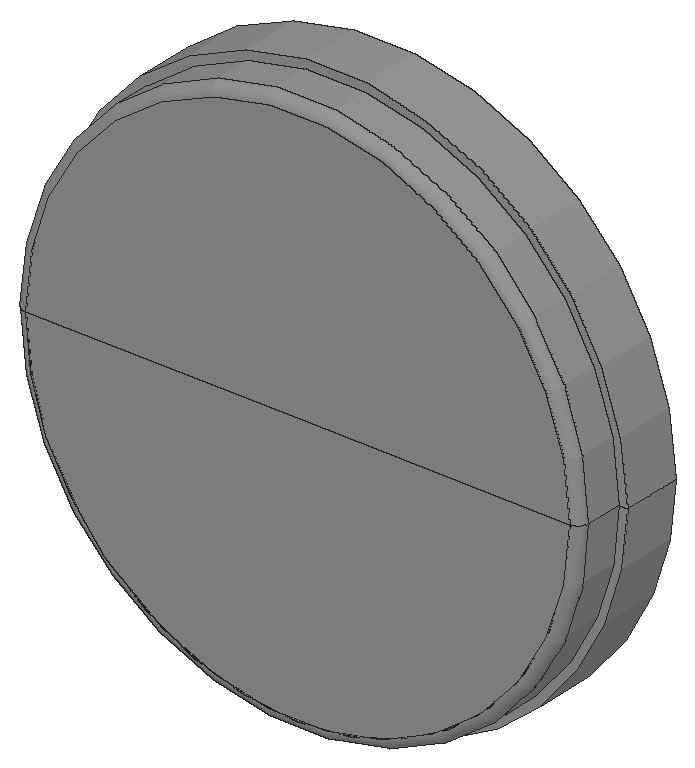
Revit family "IVLB_PML_LF_Dura 340mm WM_Plastic", category Lighting Fixtures, Revit 2019
Family settings
  Round Connector Dimension = Use Diameter
  Part Type = Normal
  OmniClass Number = 23.80.70.11.11
  OmniClass Title = General Luminaries, Non Directional
  Work Plane-Based = No
  Always vertical = Yes
  Cut with Voids When Loaded = No
  Light Source = Yes
  Shared = No
  Room Calculation Point = Yes
Parameters (values of type "Dura-M Ø340 IP64 IK10 8-18W 950-2300lm 3000K-3500K-4000K 3-CCT")
  Wattage Comments = "18W"
  Wattage = 15.4838 W
  built-in parameter 1150110 = 1 (stored number, unit not read)
  Voltage = 230 V
  URL = "https://www.pragmalux.com/"
  Type Comments = ""
  built-in parameter 1114217 = 1 (stored number, unit not read)
  Tilt Angle = 90.00°
  built-in parameter 1150109 = 1 (stored number, unit not read)
  built-in parameter 1150134 = 12
  Symbol_Waterproof [instance] = no
  Symbol_Emergency Lighting [instance] = no
  Switch Code [instance] = ""
  built-in parameter 1150113 = 1 (stored number, unit not read)
  Photometric Web File = "Dura-M Ø340 IP64 IK10 8-18W 950-2300lm 3000K-3500K-4000K 3-CCT.ies"
  built-in parameter 1150142 = "IESNA91\r\n[MANUFAC]  Pragmalux\r\n[LUMINAIRE] LED Plafonnière Wandarmatuur Dura-M Ø340 IP64 IK10 8-18W 950-2300lm 3000K-3500K-4000K 3-CCT\r\n[LAMP] 1x(LED 18W 2200lm 3000K) or 1x(LED 18W 2300lm 3500K) or 1x(LED 18W 2300lm 4000K) or 1x(LED 15W 1800lm 3000K) or 1x(LED 15W 1900lm 3500K) or 1x(LED 15W 1900lm 4000K) or 1x(LED 11W 1350lm 3000K) or 1x(LED 11W 1450lm 3500K) or 1x(LED 11W 1450lm 4000K) or 1x(LED 8W 950lm 3000K) or 1x(LED 8W 1000lm 3500K) or 1x(LED 8W 1000lm 4000K)\r\n[_CHANGED] file converted from LDT by IES Viewer 3.6 (C) Andrey Legotin\r\nTILT=NONE\r\n1 2200 2.2 181 5 1 2 0 -0.34 0\r\n1 1 18\r\n0 1 2 3 4 5 6 7 8 9 10 11 12 13 14 15 16 17 18 19 20 21 22 23 24 25 26 27 28 \r\n29 30 31 32 33 34 35 36 37 38 39 40 41 42 43 44 45 46 47 48 49 50 51 52 53 54 \r\n55 56 57 58 59 60 61 62 63 64 65 66 67 68 69 70 71 72 73 74 75 76 77 78 79 80 \r\n81 82 83 84 85 86 87 88 89 90 91 92 93 94 95 96 97 98 99 100 101 102 103 104 \r\n105 106 107 108 109 110 111 112 113 114 115 116 117 118 119 120 121 122 123 \r\n124 125 126 127 128 129 130 131 132 133 134 135 136 137 138 139 140 141 142 \r\n143 144 145 146 147 148 149 150 151 152 153 154 155 156 157 158 159 160 161 \r\n162 163 164 165 166 167 168 169 170 171 172 173 174 175 176 177 178 179 180 \r\n0 22.5 45 67.5 90 \r\n295.3 295.4 295.3 295.4 295 294.6 294.2 293.8 293.1 292.5 291.9 290.9 290.1 \r\n289.3 288.2 287 285.8 284.4 283.1 281.6 279.9 278.4 276.5 274.8 272.9 270.8 \r\n268.7 266.6 264.4 261.9 259.5 257.1 254.4 251.8 249 246.2 243.4 240.3 237.3 \r\n234 230.9 227.5 224.2 220.7 217 213.5 209.8 206 202.3 198.3 194.4 190.3 186.3 \r\n182.2 178 173.9 169.7 165.2 160.9 156.3 151.7 147.1 142.5 137.8 133.1 128.3 \r\n123.5 118.6 113.7 108.9 104 99.09 94.31 89.38 84.54 79.78 74.96 70.21 65.64 \r\n60.99 56.65 52.24 47.94 43.84 39.72 35.8 32.33 29.23 26.57 24.14 20.8 17.18 \r\n13.52 9.69 6.07 3.08 1.19 0.46 0.42 0.5 1.38 2.92 5.29 7.96 10.6 13.13 15.25 \r\n16.85 17.87 18.13 18.09 18.13 18.01 17.84 17.63 17.39 17.18 16.97 16.8 16.59 \r\n16.43 16.18 15.96 15.76 15.47 15.26 15.01 14.76 14.47 14.18 13.96 13.72 13.47 \r\n13.18 12.92 12.6 12.3 11.97 11.76 11.47 11.17 10.84 10.51 10.18 9.8 9.51 9.14 \r\n8.8 8.46 8.1 7.59 6.92 6.13 5.47 5.09 4.84 4.71 4.71 4.75 4.71 4.27 3.85 3.42 \r\n3.09 2.84 2.63 2.38 2.09 1.8 1.51 1.3 1.29 1.25 1.25 1.29 1.17 1.09 1.04 1.04 \r\n1.04 1.04 \r\n295.3 295.4 295.3 295.2 295 294.7 294.2 293.7 293.2 292.4 291.8 291 290 289.2 \r\n288 287.1 285.7 284.5 283.1 281.5 280.1 278.4 276.6 274.8 272.9 271 268.9 \r\n266.7 264.4 262.1 259.7 257.2 254.6 251.8 249.1 246.2 243.3 240.4 237.3 234 \r\n230.9 227.6 224.2 220.8 217.2 213.6 210 206.2 202.5 198.5 194.6 190.4 186.3 \r\n182.3 178.1 173.9 169.8 165.5 160.9 156.5 152 147.3 142.7 138 133.3 128.4 \r\n123.6 118.8 114 109.1 104.1 99.29 94.45 89.59 84.83 79.91 75.24 70.49 65.87 \r\n61.37 56.89 52.6 48.27 44.1 39.95 35.98 32.51 29.4 26.59 24.2 21.15 17.65 \r\n13.91 9.8 5.92 2.9 1.05 1.11 1.16 1.22 1.27 1.32 3 5.08 7.32 9.66 11.71 13.19 \r\n13.85 14.01 14.06 14.06 14.06 14.07 14.07 14.07 14.08 14.08 14.08 14.09 14.09 \r\n14.09 14.1 14.1 13.93 13.81 13.68 13.47 13.31 13.09 12.89 12.72 12.55 12.34 \r\n12.1 11.89 11.63 11.35 11.13 10.84 10.59 10.34 10.09 9.8 9.54 9.25 9 8.66 \r\n8.34 7.84 7.16 6.42 5.82 5.49 5.23 5.06 5.1 5.06 5.06 4.7 4.35 4.07 3.81 3.52 \r\n3.27 3.1 2.89 2.68 2.35 2.02 1.88 1.88 1.63 1.22 1.01 1 1 1 1 1 1 \r\n295.3 295.4 295.4 295.2 294.9 294.7 294.3 293.7 293.1 292.5 291.7 291 290 \r\n289.2 288.2 287 285.8 284.6 283.2 281.6 280 278.6 276.7 274.9 272.9 271 269 \r\n266.7 264.5 262.1 259.7 257.3 254.7 251.9 249.3 246.4 243.4 240.5 237.2 234.4 \r\n230.9 227.7 224.4 220.9 217.2 213.8 210 206.2 202.5 198.5 194.7 190.5 186.5 \r\n182.5 178.3 174.2 170 165.6 161.2 156.6 152.1 147.4 142.9 138.1 133.3 128.7 \r\n123.7 119.1 114.1 109.2 104.2 99.53 94.64 89.68 84.85 80 75.35 70.57 65.93 \r\n61.38 56.9 52.6 48.21 44.08 39.87 35.82 32.26 29 26.12 23.53 21.1 17.5 12.56 \r\n7.11 2.92 0.97 0.75 1.99 3.1 3.87 4.59 5.12 5.47 5.89 6.09 6.18 6.18 6.22 \r\n6.35 6.56 6.76 7.06 7.3 7.56 7.73 7.97 8.06 8.19 8.35 8.52 8.59 8.65 8.72 \r\n8.79 8.85 8.94 8.98 8.96 8.93 8.91 8.88 8.86 8.83 8.81 8.78 8.76 8.73 8.61 \r\n8.48 8.36 8.27 8.07 7.9 7.65 7.19 6.69 6.24 6.06 5.89 5.81 5.75 5.69 5.62 \r\n5.56 5.5 5.44 5.1 4.8 4.52 4.18 3.93 3.72 3.51 3.31 3.1 2.93 2.72 2.55 2.46 \r\n2.26 2.01 1.84 1.76 1.46 1.09 0.96 0.96 0.96 0.96 0.96 0.96 \r\n295.3 295.2 295.3 295.3 295 294.6 294.2 293.8 293.1 292.5 291.7 291 290.2 \r\n289.3 288.2 287.1 286 284.5 283.2 281.7 280.1 278.4 276.9 274.8 273 271 269 \r\n266.7 264.5 262.1 259.6 257.2 254.4 252 249.1 246.5 243.4 240.4 237.2 234 \r\n230.9 227.5 224.2 220.8 217.1 213.6 209.8 206.2 202.4 198.5 194.5 190.4 186.4 \r\n182.4 178.1 174 169.7 165.4 160.8 156.5 151.8 147.2 142.6 137.8 133.1 128.2 \r\n123.5 118.7 113.8 108.9 104 99.22 94.3 89.47 84.57 79.7 75 70.21 65.64 60.97 \r\n56.57 52.14 47.89 43.7 39.52 35.49 31.7 28.35 25.42 22.82 20.35 15.44 6.69 \r\n0.88 0.55 2.56 7.37 9.33 9.48 8.91 8.12 7.38 6.75 6.24 5.78 5.41 5.08 4.75 \r\n4.45 4.16 3.95 3.71 3.54 3.45 3.45 3.48 3.52 3.55 3.58 3.62 3.83 3.95 4.07 \r\n4.28 4.45 4.61 4.7 4.78 4.8 4.81 4.83 4.85 4.86 4.88 4.89 4.91 4.93 4.94 5.24 \r\n5.32 5.26 5.19 5.12 5.06 4.99 4.92 4.86 4.79 4.2 3.75 3.66 3.54 3.37 3.36 \r\n3.35 3.34 3.32 3.31 3.3 3.29 3.16 3 2.95 2.83 2.75 2.66 2.5 2.29 2.04 1.88 \r\n1.71 1.5 1.25 1.05 0.96 0.96 0.96 0.96 0.96 0.96 0.96 \r\n295.3 295.3 295.3 295.3 295 294.7 294.3 293.8 293.2 292.4 291.9 291.2 290.2 \r\n289.3 288.1 287.1 285.9 284.5 283.3 281.8 280.2 278.5 276.7 275 273.1 270.9 \r\n269.1 266.7 264.4 262.2 259.7 257.2 254.6 252 249.2 246.4 243.5 240.4 237.3 \r\n234.3 230.9 227.6 224.2 220.7 217.3 213.6 209.8 206.2 202.4 198.4 194.6 190.5 \r\n186.4 182.3 178.2 174.1 169.7 165.3 160.9 156.4 151.8 147.1 142.6 137.9 133 \r\n128.3 123.5 118.6 113.7 108.8 103.8 99.12 94.1 89.24 84.33 79.46 74.78 69.96 \r\n65.23 60.72 56.28 51.92 47.53 43.29 39.16 35.11 31.37 28 25.06 22.51 20.37 \r\n15.14 5.53 0.55 0.46 2.14 9.15 12.35 11.89 11.06 10.21 9.36 8.52 7.75 7.04 \r\n6.4 5.75 5.16 4.55 3.96 3.41 2.91 2.46 2.04 1.59 1.33 1.29 1.21 1.04 0.96 \r\n0.92 0.87 0.83 0.79 0.75 0.79 1.2 1.57 1.79 1.95 1.99 2 2.04 2.08 2.33 2.53 \r\n2.49 2.45 2.41 2.37 2.33 1.88 1.3 1.16 1.16 1.45 1.9 2.48 2.74 2.72 2.7 2.68 \r\n2.66 2.64 2.62 2.54 2.41 2.33 2.21 2.04 1.87 1.79 1.67 1.58 1.5 1.33 1.29 \r\n1.17 1.12 1.12 1.04 1.08 1.04 1 1 0.96 0.96 0.96 0.96 0.96 0.96 \r\n"
  Model = "Dura"
  Manufacturer = "Pragmalux - Distrilight"
  built-in parameter 1150105 = 183.03 (stored number, unit not read)
  Lumens = 2300 lm
  Luminaire_Body_Material = Select RGB value
  built-in parameter 1150115 = 1 (stored number, unit not read)
  Luminaire Code [instance] = ""
  Load Classification = Lighting
  built-in parameter 1150137 = (empty or 0)
  built-in parameter 1150139 = (empty or 0)
  built-in parameter 1150112 = 1 (stored number, unit not read)
  built-in parameter 1150114 = 1 (stored number, unit not read)
  Lamp = "LED"
  built-in parameter 1150132 = 2
  built-in parameter 1150102 = (empty or 0)
  built-in parameter 1150107 = 4000 (stored number, unit not read)
  built-in parameter 1150138 = (empty or 0)
  built-in parameter 1150106 = 1.8303 (stored number, unit not read)
  IfcExportType = "USERDEFINED"
  IfcExportAs = "IfcLightFixtureType"
  IP Value = "IP64"
  IK Value = "IK10"
  Emit from Circle Diameter = 330 mm
  Emit Shape Visible in Rendering = no
  built-in parameter 1150104 = 13.8 (stored number, unit not read)
  Dimming Lamp Color Temperature Shift = <None>
  Description = "Surface Mounted"
  Content Creator = "www.ivlibrary.com"
  Color Filter = 16777215
  built-in parameter 1114218 = 1 (stored number, unit not read)
  built-in parameter 1150133 = 10 (stored number, unit not read)
  Assembly Code = "63.0"
  Apparent Load = 18 VA
  Annotation Offset UD [instance] = 0 mm
  Annotation Offset LR [instance] = 0 mm
Reference planes
  plane 1 "Center (Front/Back)": y = 0
  plane 2: z = 0
  plane 3 "Center (Left/Right)": x = 0
Dimensions and locks
  aligned and locked: level to plane 2
Nested families
  nested 1: "Symbol_ToScale" at (0, 0, 0), Emergency Lighting <- "Symbol_Emergency Lighting", Waterproof <- "Symbol_Waterproof", Annotation LR <- "Annotation Offset LR", Annotation UD <- "Annotation Offset UD", type "Symbol 300mm"
    with Waterproof no, Wall mounted no, Lighting Fixture yes, Emergency Lighting no, Annotation UD 0 mm, Annotation Offset Internal RL 100 mm, Annotation Offset Internal 100 mm, Annotation LR 0 mm
  nested 2: "Dura" at (0, 0, 0) x (1, 0, 0) z (0, 1, 0), Housing_Material <- "Luminaire_Body_Material", type "Dura"
    with Housing_Material Select RGB value, Cover yes
Connectors
  electrical at (0, 0, 0), driven by "Apparent Load", driven by "Load Classification", driven by "Voltage"
    settings: index 1, voltage 230 V, apparent load 0 VA, apparent load phase1 18 VA, apparent load phase2 0 VA, apparent load phase3 0 VA, power factor 1, load classification "Lighting", number of poles 1, system type 31, power factor state 1, is connector primary yes, connector utility no, sub classification motor no, connector description ""
Definition of nested family "Dura"
  Parameters (values of type "Dura")
    URL = ""
    Type Comments = ""
    Model = "VenusG2"
    Manufacturer = "Pragmalux"
    Housing_Material [instance] = none
    Description = "Surface Mounted"
    Default Elevation = 1219.2 mm
    Cover [instance] = yes
    Copyright © IVLighting = "www.ivlibrary.com"
    Assembly Code = "63.0"
  Reference planes
    plane 1 "Center (Front/Back)": y = 0
    plane 2: z = 0
    plane 3 "Center (Left/Right)": x = 0
  Forms (mm)
    Revolve 1, solid, material <- "Housing_Material"
      sketch origin (0, 0, 0) x (1, 0, 0) y (0, 0, 1)
        loop
          line (-170, 0) -> (-170, -35) -> (0, -35) -> (0, 0) -> (-170, 0)
        axis (0, 0) -> (0, -35)
      angle from 0 to 360
    Revolve 2, solid
      sketch origin (0, 0, 0.938) x (1, 0, 0) y (0, 0, 1)
        loop
          line (0, -63.938) -> (0, -35.938) -> (-165, -35.937) -> (-165, -57.552)
          arc (-165, -57.552) -> (-163.13, -62.067) -> (-158.615, -63.937) r 6.385
          line (-158.615, -63.937) -> (0, -63.938)
        axis (0, -35.938) -> (0, -63.938)
      angle from 0 to 360
  Dimensions and locks
    aligned and locked: level to plane 2
Definition of nested family "Symbol_ToScale"
  Parameters (values of type "Symbol 300mm")
    Waterproof [instance] = no
    Wall mounted [instance] = no
    Lighting Fixture [instance] = yes
    Emergency Lighting [instance] = no
    Annotation UD [instance] = 0 mm
    Annotation Offset Internal RL [instance] = Annotation LR + 100 mm  # 100 mm
    Annotation Offset Internal [instance] = Annotation UD + 100 mm  # 100 mm
    Annotation LR [instance] = 0 mm
  Reference planes
    plane 1: y = 0
    plane 2: x = 0
  Lines and regions (mm)
    Filled region 1, type "Emergency Lighting", visible <- "Waterproof"
      outline origin (5.15, -1.491, 0) x (1, 0, 0) y (0, 1, 0)
        loop
          arc (-6.823, -1.34) -> (-5.15, -2.708) -> (-3.477, -1.34) r 1.707
          line (-3.477, -1.34) -> (-6.823, -1.34)
    Filled region 2, type "Emergency Lighting", visible <- "Emergency Lighting"
      outline origin (-5.15, -1.452, 0) x (0, 1, 0) y (-1, 0, 0)
        loop
          line (-1.04, -5.15) -> (-2.243, -6.352)
          arc (-2.243, -6.352) -> (-1.04, -6.85) -> (0.162, -6.352) r 1.7
          line (0.162, -6.352) -> (-1.04, -5.15)
    Filled region 3, type "Emergency Lighting", visible <- "Emergency Lighting"
      outline origin (5.15, -1.452, 0) x (1, 0, 0) y (0, 1, 0)
        loop
          line (-5.15, -1.04) -> (-6.352, 0.162)
          arc (-6.352, 0.162) -> (-6.85, -1.04) -> (-6.352, -2.243) r 1.7
          line (-6.352, -2.243) -> (-5.15, -1.04)
    Filled region 4, type "Emergency Lighting", visible <- "Waterproof", not visible
      outline origin (5.15, -1.491, 0) x (1, 0, 0) y (0, 1, 0)
        loop
          arc (-6.823, -1.34) -> (-5.15, -2.708) -> (-3.477, -1.34) r 1.707
          line (-3.477, -1.34) -> (-6.823, -1.34)
    Filled region 5, type "Emergency Lighting", visible <- "Emergency Lighting", not visible
      outline origin (-5.15, -1.452, 0) x (0, 1, 0) y (-1, 0, 0)
        loop
          line (-1.04, -5.15) -> (-2.243, -6.352)
          arc (-2.243, -6.352) -> (-1.04, -6.85) -> (0.162, -6.352) r 1.7
          line (0.162, -6.352) -> (-1.04, -5.15)
    Filled region 6, type "Emergency Lighting", visible <- "Emergency Lighting", not visible
      outline origin (5.15, -1.452, 0) x (1, 0, 0) y (0, 1, 0)
        loop
          line (-5.15, -1.04) -> (-6.352, 0.162)
          arc (-6.352, 0.162) -> (-6.85, -1.04) -> (-6.352, -2.243) r 1.7
          line (-6.352, -2.243) -> (-5.15, -1.04)
    detail lines, visible <- "Lighting Fixture"
      curve 1: circle (0, -2.492, 0) r 1.7 normal (0, 0, 1)
    detail lines, visible <- "Waterproof"
      curve 2: circle (0, -2.492, 0) r 1.7 normal (0, 0, 1)
    detail lines, visible <- "Emergency Lighting"
      curve 3: circle (0, -2.492, 0) r 1.7 normal (0, 0, 1)
    detail lines
      curve 4: line (0, -0.792, 0) -> (0, 0, 0)
      curve 5: line (-1.081, 0, 0) -> (1.05, 0, 0)
    detail lines, visible <- "Lighting Fixture", not visible
      curve 6: circle (0, -2.492, 0) r 1.7 normal (0, 0, 1)
    detail lines, visible <- "Waterproof", not visible
      curve 7: circle (0, -2.492, 0) r 1.7 normal (0, 0, 1)
    detail lines, visible <- "Emergency Lighting", not visible
      curve 8: circle (0, -2.492, 0) r 1.7 normal (0, 0, 1)
    detail lines, not visible
      curve 9: line (0, -0.792, 0) -> (0, 0, 0)
      curve 10: line (-1.081, 0, 0) -> (1.05, 0, 0)
    reference lines
      curve 11: line (-100, 48.549, 0) -> (-100, -31.1, 0)
      curve 12: line (-51.081, 100, 0) -> (48.919, 100, 0)
  Dimensions and locks
    locked: plane 1 to curve 12 at 100
    "Annotation Offset Internal RL": curve 11 to plane 2
    locked: curve 11 to curve 4 at 100
    "Annotation Offset Internal": curve 5 to curve 12
  Automatic sketch dimensions
    Filled region 2 sketch curve to Filled region 2 sketch curve = 1.202 mm  (x2)
    Filled region 2 sketch curve to Filled region 2 sketch curve = 0 mm  (x2)
    Filled region 3 sketch curve to Filled region 3 sketch curve = 0 mm  (x3)
    Filled region 3 sketch curve to Filled region 3 sketch curve = 1.202 mm
    Filled region 1 sketch curve to Filled region 1 sketch curve = 1.673 mm
    Filled region 1 sketch curve to Filled region 1 sketch curve = 0.34 mm
    Filled region 5 sketch curve to Filled region 5 sketch curve = 1.202 mm  (x2)
    Filled region 5 sketch curve to Filled region 5 sketch curve = 0 mm  (x2)
    Filled region 6 sketch curve to Filled region 6 sketch curve = 0 mm  (x3)
    Filled region 6 sketch curve to Filled region 6 sketch curve = 1.202 mm
    Filled region 4 sketch curve to Filled region 4 sketch curve = 1.673 mm
    Filled region 4 sketch curve to Filled region 4 sketch curve = 0.34 mm
    curve 12 to plane 2 = 51.081 mm
    plane 2 to curve 12 = 48.919 mm
    curve 11 to plane 1 = 48.549 mm
    plane 1 to curve 11 = 31.1 mm
Types (4, lengths in mm): name | Wattage | Type Comments | built-in parameter 1150134 | Photometric Web File | built-in parameter 1150142 | built-in parameter 1150105 | Lumens | built-in parameter 1150107 | built-in parameter 1150106
  Dura-M Ø340 IP64 IK10 8-18W 750-2075lm 2200K-2700K 2-CCT | 13.9691 W | "" | (empty or 0) | "Dura-M Ø340 IP64 IK10 8-18W 750-2075lm 2200K-2700K 2-CCT.ies" | "IESNA91\r\n[MANUFAC]  Pragmalux\r\n[LUMINAIRE] LED Plafonnière Wandarmatuur Dura-M Ø340 IP64 IK10 8-18W 750-2075lm 2200K-2700K 2-CCT\r\n[LAMP] 1x(LED 18W 1750lm 2200K) or 1x(LED 18W 2075lm 2700K) or 1x(LED 15W 1425lm 2200K) or 1x(LED 15W 1700lm 2700K) or 1x(LED 11W 1100lm 2200K) or 1x(LED 11W 1300lm 2700K) or 1x(LED 8W 750lm 2200K) or 1x(LED 8W 900lm 2700K)\r\n[_CHANGED] file converted from LDT by IES Viewer 3.6 (C) Andrey Legotin\r\nTILT=NONE\r\n1 1750 1.75 181 5 1 2 0 -0.34 0\r\n1 1 18\r\n0 1 2 3 4 5 6 7 8 9 10 11 12 13 14 15 16 17 18 19 20 21 22 23 24 25 26 27 28 \r\n29 30 31 32 33 34 35 36 37 38 39 40 41 42 43 44 45 46 47 48 49 50 51 52 53 54 \r\n55 56 57 58 59 60 61 62 63 64 65 66 67 68 69 70 71 72 73 74 75 76 77 78 79 80 \r\n81 82 83 84 85 86 87 88 89 90 91 92 93 94 95 96 97 98 99 100 101 102 103 104 \r\n105 106 107 108 109 110 111 112 113 114 115 116 117 118 119 120 121 122 123 \r\n124 125 126 127 128 129 130 131 132 133 134 135 136 137 138 139 140 141 142 \r\n143 144 145 146 147 148 149 150 151 152 153 154 155 156 157 158 159 160 161 \r\n162 163 164 165 166 167 168 169 170 171 172 173 174 175 176 177 178 179 180 \r\n0 22.5 45 67.5 90 \r\n295.3 295.4 295.3 295.4 295 294.6 294.2 293.8 293.1 292.5 291.9 290.9 290.1 \r\n289.3 288.2 287 285.8 284.4 283.1 281.6 279.9 278.4 276.5 274.8 272.9 270.8 \r\n268.7 266.6 264.4 261.9 259.5 257.1 254.4 251.8 249 246.2 243.4 240.3 237.3 \r\n234 230.9 227.5 224.2 220.7 217 213.5 209.8 206 202.3 198.3 194.4 190.3 186.3 \r\n182.2 178 173.9 169.7 165.2 160.9 156.3 151.7 147.1 142.5 137.8 133.1 128.3 \r\n123.5 118.6 113.7 108.9 104 99.09 94.31 89.38 84.54 79.78 74.96 70.21 65.64 \r\n60.99 56.65 52.24 47.94 43.84 39.72 35.8 32.33 29.23 26.57 24.14 20.8 17.18 \r\n13.52 9.69 6.07 3.08 1.19 0.46 0.42 0.5 1.38 2.92 5.29 7.96 10.6 13.13 15.25 \r\n16.85 17.87 18.13 18.09 18.13 18.01 17.84 17.63 17.39 17.18 16.97 16.8 16.59 \r\n16.43 16.18 15.96 15.76 15.47 15.26 15.01 14.76 14.47 14.18 13.96 13.72 13.47 \r\n13.18 12.92 12.6 12.3 11.97 11.76 11.47 11.17 10.84 10.51 10.18 9.8 9.51 9.14 \r\n8.8 8.46 8.1 7.59 6.92 6.13 5.47 5.09 4.84 4.71 4.71 4.75 4.71 4.27 3.85 3.42 \r\n3.09 2.84 2.63 2.38 2.09 1.8 1.51 1.3 1.29 1.25 1.25 1.29 1.17 1.09 1.04 1.04 \r\n1.04 1.04 \r\n295.3 295.4 295.3 295.2 295 294.7 294.2 293.7 293.2 292.4 291.8 291 290 289.2 \r\n288 287.1 285.7 284.5 283.1 281.5 280.1 278.4 276.6 274.8 272.9 271 268.9 \r\n266.7 264.4 262.1 259.7 257.2 254.6 251.8 249.1 246.2 243.3 240.4 237.3 234 \r\n230.9 227.6 224.2 220.8 217.2 213.6 210 206.2 202.5 198.5 194.6 190.4 186.3 \r\n182.3 178.1 173.9 169.8 165.5 160.9 156.5 152 147.3 142.7 138 133.3 128.4 \r\n123.6 118.8 114 109.1 104.1 99.29 94.45 89.59 84.83 79.91 75.24 70.49 65.87 \r\n61.37 56.89 52.6 48.27 44.1 39.95 35.98 32.51 29.4 26.59 24.2 21.15 17.65 \r\n13.91 9.8 5.92 2.9 1.05 1.11 1.16 1.22 1.27 1.32 3 5.08 7.32 9.66 11.71 13.19 \r\n13.85 14.01 14.06 14.06 14.06 14.07 14.07 14.07 14.08 14.08 14.08 14.09 14.09 \r\n14.09 14.1 14.1 13.93 13.81 13.68 13.47 13.31 13.09 12.89 12.72 12.55 12.34 \r\n12.1 11.89 11.63 11.35 11.13 10.84 10.59 10.34 10.09 9.8 9.54 9.25 9 8.66 \r\n8.34 7.84 7.16 6.42 5.82 5.49 5.23 5.06 5.1 5.06 5.06 4.7 4.35 4.07 3.81 3.52 \r\n3.27 3.1 2.89 2.68 2.35 2.02 1.88 1.88 1.63 1.22 1.01 1 1 1 1 1 1 \r\n295.3 295.4 295.4 295.2 294.9 294.7 294.3 293.7 293.1 292.5 291.7 291 290 \r\n289.2 288.2 287 285.8 284.6 283.2 281.6 280 278.6 276.7 274.9 272.9 271 269 \r\n266.7 264.5 262.1 259.7 257.3 254.7 251.9 249.3 246.4 243.4 240.5 237.2 234.4 \r\n230.9 227.7 224.4 220.9 217.2 213.8 210 206.2 202.5 198.5 194.7 190.5 186.5 \r\n182.5 178.3 174.2 170 165.6 161.2 156.6 152.1 147.4 142.9 138.1 133.3 128.7 \r\n123.7 119.1 114.1 109.2 104.2 99.53 94.64 89.68 84.85 80 75.35 70.57 65.93 \r\n61.38 56.9 52.6 48.21 44.08 39.87 35.82 32.26 29 26.12 23.53 21.1 17.5 12.56 \r\n7.11 2.92 0.97 0.75 1.99 3.1 3.87 4.59 5.12 5.47 5.89 6.09 6.18 6.18 6.22 \r\n6.35 6.56 6.76 7.06 7.3 7.56 7.73 7.97 8.06 8.19 8.35 8.52 8.59 8.65 8.72 \r\n8.79 8.85 8.94 8.98 8.96 8.93 8.91 8.88 8.86 8.83 8.81 8.78 8.76 8.73 8.61 \r\n8.48 8.36 8.27 8.07 7.9 7.65 7.19 6.69 6.24 6.06 5.89 5.81 5.75 5.69 5.62 \r\n5.56 5.5 5.44 5.1 4.8 4.52 4.18 3.93 3.72 3.51 3.31 3.1 2.93 2.72 2.55 2.46 \r\n2.26 2.01 1.84 1.76 1.46 1.09 0.96 0.96 0.96 0.96 0.96 0.96 \r\n295.3 295.2 295.3 295.3 295 294.6 294.2 293.8 293.1 292.5 291.7 291 290.2 \r\n289.3 288.2 287.1 286 284.5 283.2 281.7 280.1 278.4 276.9 274.8 273 271 269 \r\n266.7 264.5 262.1 259.6 257.2 254.4 252 249.1 246.5 243.4 240.4 237.2 234 \r\n230.9 227.5 224.2 220.8 217.1 213.6 209.8 206.2 202.4 198.5 194.5 190.4 186.4 \r\n182.4 178.1 174 169.7 165.4 160.8 156.5 151.8 147.2 142.6 137.8 133.1 128.2 \r\n123.5 118.7 113.8 108.9 104 99.22 94.3 89.47 84.57 79.7 75 70.21 65.64 60.97 \r\n56.57 52.14 47.89 43.7 39.52 35.49 31.7 28.35 25.42 22.82 20.35 15.44 6.69 \r\n0.88 0.55 2.56 7.37 9.33 9.48 8.91 8.12 7.38 6.75 6.24 5.78 5.41 5.08 4.75 \r\n4.45 4.16 3.95 3.71 3.54 3.45 3.45 3.48 3.52 3.55 3.58 3.62 3.83 3.95 4.07 \r\n4.28 4.45 4.61 4.7 4.78 4.8 4.81 4.83 4.85 4.86 4.88 4.89 4.91 4.93 4.94 5.24 \r\n5.32 5.26 5.19 5.12 5.06 4.99 4.92 4.86 4.79 4.2 3.75 3.66 3.54 3.37 3.36 \r\n3.35 3.34 3.32 3.31 3.3 3.29 3.16 3 2.95 2.83 2.75 2.66 2.5 2.29 2.04 1.88 \r\n1.71 1.5 1.25 1.05 0.96 0.96 0.96 0.96 0.96 0.96 0.96 \r\n295.3 295.3 295.3 295.3 295 294.7 294.3 293.8 293.2 292.4 291.9 291.2 290.2 \r\n289.3 288.1 287.1 285.9 284.5 283.3 281.8 280.2 278.5 276.7 275 273.1 270.9 \r\n269.1 266.7 264.4 262.2 259.7 257.2 254.6 252 249.2 246.4 243.5 240.4 237.3 \r\n234.3 230.9 227.6 224.2 220.7 217.3 213.6 209.8 206.2 202.4 198.4 194.6 190.5 \r\n186.4 182.3 178.2 174.1 169.7 165.3 160.9 156.4 151.8 147.1 142.6 137.9 133 \r\n128.3 123.5 118.6 113.7 108.8 103.8 99.12 94.1 89.24 84.33 79.46 74.78 69.96 \r\n65.23 60.72 56.28 51.92 47.53 43.29 39.16 35.11 31.37 28 25.06 22.51 20.37 \r\n15.14 5.53 0.55 0.46 2.14 9.15 12.35 11.89 11.06 10.21 9.36 8.52 7.75 7.04 \r\n6.4 5.75 5.16 4.55 3.96 3.41 2.91 2.46 2.04 1.59 1.33 1.29 1.21 1.04 0.96 \r\n0.92 0.87 0.83 0.79 0.75 0.79 1.2 1.57 1.79 1.95 1.99 2 2.04 2.08 2.33 2.53 \r\n2.49 2.45 2.41 2.37 2.33 1.88 1.3 1.16 1.16 1.45 1.9 2.48 2.74 2.72 2.7 2.68 \r\n2.66 2.64 2.62 2.54 2.41 2.33 2.21 2.04 1.87 1.79 1.67 1.58 1.5 1.33 1.29 \r\n1.17 1.12 1.12 1.04 1.08 1.04 1 1 0.96 0.96 0.96 0.96 0.96 0.96 \r\n" | 165.12 (stored number, unit not read) | 2075 lm | 2700 (stored number, unit not read) | 1.6512 (stored number, unit not read)
